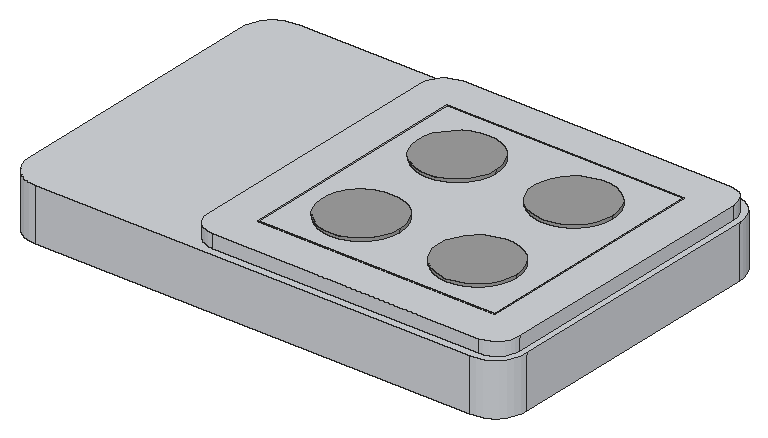
Revit family "Lighting-Industriale-GEWISS-SMART[4]HACCP_APPARECCHI-LED_1M_DALI", category Apparecchi per illuminazione, Revit 2019
Family settings
  Quota connettore circolare = Usa diametro
  Tipo di parte = Normale
  Numero OmniClass = 23.80.00.00
  Titolo OmniClass = Electric Power and Lighting
  Basato su piano di lavoro = Sì
  Sempre verticale = No
  Taglio con vuoti quando caricato = No
  Sorgente d'illuminazione = No
  Condiviso = No
  Punto di calcolo locali = No
Parameters (values of type "GWS4121HQ857 - SMART4LB 1M ST.AL.DALI HACCP ELL.57K")
  Voltaggio = 230 V
  Viti esterne = "Acciaio inox"
  Vetro acceso = Lampada accesa
  Versione file RFA = "20.11"
  Vano di alimentazione = "Integrato"
  URL = "https://www.gewiss.com/it/it"
  Tolleranza cromatica = "SDCM = 3"
  Tipologia sorgente luminosa = "LED - Non sostituibile"
  Tipo di installazione e montaggio = "Plafone - Parete - Sospensione"
  Tipo di apparecchio = "Riflettore industriale a LED&nbsp;"
  Tensione di alimentazione = "220 - 240 V"
  Temperatura di stoccaggio = "-40 +70 °C"
  Temperatura di esercizio = "-30 +50 °C"
  Temperatura di colore = "5700K"
  Superficie massima esposta al vento : = "0,097 m²"
  Spostamento_Y_etichetta [instance] = 0 mm
  Spostamento_Y_effettivo_etichetta [instance] = 1500 mm - Spostamento_Y_etichetta  # 1500 mm
  Spostamento_X_etichetta [instance] = 0 mm
  Spostamento_X_effettivo_etichetta [instance] = 1500 mm - Spostamento_X_etichetta  # 1500 mm
  SostituibilitÃ  piastra di cablaggio = "Non sostituibile"
  SostituibilitÃ  gruppo ottico = "Non sostituibile"
  Sistema di controllo : = "DALI"
  Sistema di controllo = "1 x DALI DT6"
  Schermo = "PMMA"
  Scheda Tecnica = "https://www.gewiss.com/it/it/search?q=GWS4121HQ857"
  SEO = "Low Bay"
  Resistenza al filo incandescente = "650 °C"
  Resistenza agli urti = "IK07"
  Produttore = "GEWISS S.p.A."
  Potenza di sistema = "64W"
  Peso (kg): = "3,5"
  Ottica = "Ellittica"
  Offset etichetta W [instance] = 120 mm
  Norma di riferimento = "EN 60598-1 ; EN 60598-2-1 ; EN 60598-2-24"
  Modello = "GWS4121HQ857"
  Materiali = "-"
  Lumen output (lm) = "8200"
  Lampada = "LED"
  Installazione e manutenzione = "-"
  Informazioni generali = "-"
  Indice di resa cromatica = "CRI-80"
  Inclinazione = "Con accessorio staffa"
  Immagine tipo = GWL1071.jpg
  IPEA = "-"
  IFC.TypeObject = ""
  IFC.ExportType = ""
  IFC.ExportAs = ""
  IDT = "d980d43c35f24cffa2ba6dd8084fdbbd"
  IDF = "0e7a08fe-ff0f-41d4-8af2-707685fa9687"
  Guarnizioni = "tipo siliconico antinvecchiamento "
  Gruppo ottico = "Riflettore in PC metallizzato e lenti in PMMA"
  Grado di protezione = "IP65"
  Garanzia = "5 anni"
  Gancio di chiusura = "-"
  Frequenza nominale (Hz) = "50/60 Hz"
  Fissaggio = "-"
  Finitura colore = "Grigio RAL 7035"
  Etichetta wattaggio [instance] = yes
  Default Elevation = 1219.2 mm
  Trasformatore = none
  Spessore plafoniera = 40 mm  # constant formula
  Proiettsmart [instance] = yes
  Raggio led = 30 mm  # constant formula
  Plafoniera = none
  Efficienza luminosa (lm/W) = "128"
  Durata di vita = "L90B10 (Tq+25°C) = 100.000 h - L90B10 (Tq+50°C) = 50.000 h"
  Dispositivo di protezione = "DM 6 kV / CM 10 kV"
  Descrizione = "SMART[4]LB 1M ST.AL.DALI HACCP ELL.57K"
  Creato da GEWISS S.p.A. = ""
  Corpo = "PA6 “Halogen Free” caricato fibra vetro"
  Controllo abbagliamento e luminanza = "-"
  Contesto = "Illuminazione di logistiche e locali produttivi industriali di tipo alimentari"
  Commenti sul wattaggio = "50W"
  Colore = "Grigio RAL 7035"
  Codice digitale univoco (Datamatrix) = "Datamatrix"
  Codice Electrocod = "2444"
  Classificazione: = "-"
  Classificazione = Lighting
  Classe isolamento = "I"
  Classe fotobiologica = "RG0"
  Certificazioni e classificazioni = "-"
  Certificazione DIN 18032-3 = "-"
  Catalogo = "LIGHTING"
  Carico apparente = 50 VA
  Motore = none
  Lunghezza = 383 mm  # constant formula
  Larghezza = 253 mm  # constant formula
  Distanza tot_plafoniera = 74 mm  # constant formula
  Dettaglio bidimensionale attivo [instance] = not(Proiettsmart)  # no
  Caratteristiche ottiche e illuminotecniche = "-"
  Caratteristiche elettriche e gestione della luce = "-"
  Cablaggio = "Con connettore stagno Gw connect"
  COBie.Tagnumber = ""
  COBie.CreatedOn = ""
  COBie.CreatebBy = ""
  COBie.ComponentRegisterItemID = ""
  COBie.Component.TagNumber = ""
  COBie.Component.Space = ""
  COBie.Component.SerialNumber = ""
  COBie.Component.InstallationDate = ""
  COBie.Component.Description = ""
  COBie.Component.BarCode = ""
  Applicazione = "Interno"
  Apparecchio a ridotta temperatura superficiale = "Si"
  Alimentatore = "Incluso"
Types (12, lengths in mm): name | Temperatura di colore | Scheda Tecnica | SEO | Ottica | Modello | Lumen output (lm) | IDT | Gruppo ottico | Efficienza luminosa (lm/W) | Descrizione | Controllo abbagliamento e luminanza
  GWS4121HA840 - SMART4LB 1M ST.AL.DALI HACCP ARR.40K | "4000K" | "https://www.gewiss.com/it/it/search?q=GWS4121HA840" | "" | "Array" | "GWS4121HA840" | "9200" | "9998a62557bb4ef08651bc357083fd7e" | "Riflettore in PC metallizzato" | "144" | "SMART[4]LB 1M ST.AL.DALI HACCP ARR.40K" | "-"
  GWS4121HA857 - SMART4LB 1M ST.AL.DALI HACCP ARR.57K | "5700K" | "https://www.gewiss.com/it/it/search?q=GWS4121HA857" | "" | "Array" | "GWS4121HA857" | "9200" | "bbdcdd41e1d54f16abf7bfe2fc7d7697" | "Riflettore in PC metallizzato" | "144" | "SMART[4]LB 1M ST.AL.DALI HACCP ARR.57K" | "-"
  GWS4121HC840 - SMART4LB 1M ST.AL.DALI HACCP ASI.40K | "4000K" | "https://www.gewiss.com/it/it/search?q=GWS4121HC840" | "Low Bay" | "Asimmetrica" | "GWS4121HC840" | "8200" | "9b2f5ce4de7b4faeb10b3c1d9a6310c9" | "Riflettore in PC metallizzato e lenti in PMMA" | "128" | "SMART[4]LB 1M ST.AL.DALI HACCP ASI.40K" | "-"
  GWS4121HC857 - SMART4LB 1M ST.AL.DALI HACCP ASI.57K | "5700K" | "https://www.gewiss.com/it/it/search?q=GWS4121HC857" | "Low Bay" | "Asimmetrica" | "GWS4121HC857" | "8200" | "eed8931ff87d464491a97eec5261282b" | "Riflettore in PC metallizzato e lenti in PMMA" | "128" | "SMART[4]LB 1M ST.AL.DALI HACCP ASI.57K" | "-"
  GWS4121HF840 - SMART4LB 1M ST.AL.DALI HACCP 30° 40K | "4000K" | "https://www.gewiss.com/it/it/search?q=GWS4121HF840" | "" | "30°" | "GWS4121HF840" | "9000" | "2c2734c73be845dc890b46d91bacf2c9" | "Riflettore in PC metallizzato e lenti in PMMA" | "141" | "SMART[4]LB 1M ST.AL.DALI HACCP 30° 40K" | "UGR - 22"
  GWS4121HF857 - SMART4LB 1M ST.AL.DALI HACCP 30° 57K | "5700K" | "https://www.gewiss.com/it/it/search?q=GWS4121HF857" | "" | "30°" | "GWS4121HF857" | "9000" | "c476d19eb5db45ddafa1f6ec6c0e66e6" | "Riflettore in PC metallizzato e lenti in PMMA" | "141" | "SMART[4]LB 1M ST.AL.DALI HACCP 30° 57K" | "UGR - 22"
  GWS4121HH840 - SMART4LB 1M ST.AL.DALI HACCP 60° 40K | "4000K" | "https://www.gewiss.com/it/it/search?q=GWS4121HH840" | "" | "60°" | "GWS4121HH840" | "9200" | "538a59cdd14148b999abb833953574a2" | "Riflettore in PC metallizzato e lenti in PMMA" | "144" | "SMART[4]LB 1M ST.AL.DALI HACCP 60° 40K" | "UGR - 25"
  GWS4121HH857 - SMART4LB 1M ST.AL.DALI HACCP 60° 57K | "5700K" | "https://www.gewiss.com/it/it/search?q=GWS4121HH857" | "" | "60°" | "GWS4121HH857" | "9200" | "5be96097585d4dfeae125f21adaed2af" | "Riflettore in PC metallizzato e lenti in PMMA" | "144" | "SMART[4]LB 1M ST.AL.DALI HACCP 60° 57K" | "UGR - 25"
  GWS4121HP840 - SMART4LB 1M ST.AL.DALI HACCP 90° 40K | "4000K" | "https://www.gewiss.com/it/it/search?q=GWS4121HP840" | "" | "90°" | "GWS4121HP840" | "9200" | "d8fff0ebd85446388cee771088eca17a" | "Riflettore in PC metallizzato e lenti in PMMA" | "144" | "SMART[4]LB 1M ST.AL.DALI HACCP 90° 40K" | "UGR - 25"
  GWS4121HP857 - SMART4LB 1M ST.AL.DALI HACCP 90° 57K | "5700K" | "https://www.gewiss.com/it/it/search?q=GWS4121HP857" | "" | "90°" | "GWS4121HP857" | "9200" | "669ee05d2f374ad8ac62cf093c33bc4e" | "Riflettore in PC metallizzato e lenti in PMMA" | "144" | "SMART[4]LB 1M ST.AL.DALI HACCP 90° 57K" | "UGR - 25"
  GWS4121HQ840 - SMART4LB 1M ST.AL.DALI HACCP ELL.40K | "4000K" | "https://www.gewiss.com/it/it/search?q=GWS4121HQ840" | "Low Bay" | "Ellittica" | "GWS4121HQ840" | "8200" | "e83e28c141894a959d53ecdca491efe5" | "Riflettore in PC metallizzato e lenti in PMMA" | "128" | "SMART[4]LB 1M ST.AL.DALI HACCP ELL.40K" | "-"
  GWS4121HQ857 - SMART4LB 1M ST.AL.DALI HACCP ELL.57K | "5700K" | "https://www.gewiss.com/it/it/search?q=GWS4121HQ857" | "Low Bay" | "Ellittica" | "GWS4121HQ857" | "8200" | "d980d43c35f24cffa2ba6dd8084fdbbd" | "Riflettore in PC metallizzato e lenti in PMMA" | "128" | "SMART[4]LB 1M ST.AL.DALI HACCP ELL.57K" | "-"
Reference planes
  plane 1 "Centro (Fronte/Retro)": y = 0
  plane 2: z = 0
  plane 3 "Centro (Sinistra/Destra)": x = 0
  plane 4: x = -191.5
  plane 5: y = 126.5
  plane 6: x = 191.5
  plane 7: y = -126.5
  plane 8: z = -74
  plane 9: x = -175.5
  plane 10: y = -110.5
  plane 11: y = 110.5
  plane 12: x = -60.5
  plane 13: y = 121.5
  plane 14: x = 186.5
  plane 15: y = -120
  plane 16: z = 74
  plane 17: z = 84
  plane 18: z = 86
  plane 19: x = -1500
  plane 20: y = -1500
  plane 21: x = 0
  plane 22: y = 0
Dimensions and locks
  equal spacing: plane 5, plane 1 "Centro (Fronte/Retro)", plane 7
  equal spacing: plane 4, plane 3 "Centro (Sinistra/Destra)", plane 6
  "Lunghezza": plane 4 to plane 6
  "Larghezza": plane 5 to plane 7
  locked: plane 14 to plane 6 at 5
  locked: plane 5 to plane 13 at 5
  nested 3 to plane 8 = 133.058 mm
  locked: plane 4 to plane 9 at 16
  "Offset etichetta W": plane 1 "Centro (Fronte/Retro)" to plane 15
  "Distanza tot_plafoniera": plane 16 to level
  locked: plane 18 to plane 17 at 2
  plane 19 to plane 3 "Centro (Sinistra/Destra)" = 1500 mm
  plane 1 "Centro (Fronte/Retro)" to plane 20 = 1500 mm
  "Spostamento_Y_effettivo_etichetta": plane 22 to plane 20
  "Spostamento_X_effettivo_etichetta": plane 19 to plane 21
  aligned and locked: level to plane 2
  aligned and locked: plane 4 to nested 1
  aligned and locked: plane 6 to nested 1
  aligned and locked: plane 5 to nested 1
  aligned and locked: plane 7 to nested 1
  aligned and locked: plane 14 to nested 2
  aligned and locked: plane 1 "Centro (Fronte/Retro)" to nested 10
  aligned and locked: nested 3 to plane 2
  aligned and locked: plane 16 to nested 1
  aligned and locked: plane 1 "Centro (Fronte/Retro)" to nested 8
  aligned and locked: plane 1 "Centro (Fronte/Retro)" to nested 1
  aligned and locked: plane 1 "Centro (Fronte/Retro)" to nested 2
  aligned and locked: nested 2 to plane 16
  aligned and locked: nested 4 to plane 18
  aligned and locked: plane 18 to nested 6
  aligned and locked: nested 7 to plane 18
  aligned and locked: plane 18 to nested 5
  aligned and locked: nested 9 to plane 22
  aligned and locked: plane 21 to nested 9
Nested families
  nested 1: "Struttura_SMART[4] LB - 2+2 L" at (0, 0, 74), type "SMART Lab (4) 4L"
  nested 2: "mascherina_SMART (4)" at (66.5, 0, 84), type "Maschera_smart (4) 4L", detail levels medium+fine
  nested 3: "Staffa SMART LAB 4" at (65, -20, 59.058) x (0, 1, 0) z (0, 0, -1), type "Staffa SMART LAB 4", detail levels medium+fine
  nested 4: "Gewis - Led" at (20.25, 44.75, 86), type "Gewis - Led", detail levels fine
  nested 5: "Gewis - Led" at (109.75, 44.75, 86) x (-1, 0, 0) z (0, 0, 1), type "Gewis - Led", detail levels fine
  nested 6: "Gewis - Led" at (20.25, -47.75, 86), type "Gewis - Led", detail levels fine
  nested 7: "Gewis - Led" at (109.75, -47.75, 86) x (-1, 0, 0) z (0, 0, 1), type "Gewis - Led", detail levels fine
  nested 8: "Rappr_bidimensionale_SMART[4] LB 4L" at (40, 0, 0), visible <- "Dettaglio bidimensionale attivo", type "SMART[4] LB 4L_bidimensionalerfa"
  nested 9: "ETICHETTA LIGHT" at (0, 0, 0), visible <- "Etichetta wattaggio", type "ETICHETTA LIGHT"
  nested 10: "PROIETTSMART " at (-32.162, 0, 0), visible <- "Proiettsmart", type "PROIETTSMART "
Connectors
  electrical at (0.009, -0.098, 34), driven by "Classificazione", driven by "Carico apparente"
    settings: on nested 1, index 1, voltage 230 V, apparent load 0 VA, apparent load phase1 50 VA, apparent load phase2 0 VA, apparent load phase3 0 VA, power factor 1, load classification "Lighting", number of poles 2, system type 31, power factor state 1, is connector primary yes, connector utility no, sub classification motor no, connector description ""
Definition of nested family "Struttura_SMART[4] LB - 2+2 L"
  Parameters (values of type "SMART Lab (4) 4L")
    Struttura plafoniera = none
    Spessore_plafoniera = 40 mm
    Lunghezza = 383 mm
    Larghezza = 253 mm
  Reference planes
    plane 1 "Asse sorgente illuminazione (F/B)": y = 0
    plane 2: z = 0
    plane 3 "Asse sorgente illuminazione (L/R)": x = 0
    plane 4 "Prospetto sorgente di illuminazione": z = -40
    plane 5 "SX": x = -191.5
    plane 6 "DX": x = 191.5
    plane 7 "DIETRO": y = 126.5
    plane 8 "AVANTI": y = -126.5
    plane 9: x = -51.5
    plane 10: x = 180.5
    plane 11: y = -115.5
    plane 12: y = 115.5
    plane 13: x = -180.5
    plane 14: x = 51.5
  Forms (mm)
    Extrusion 1, solid, material <- "Struttura plafoniera"
      sketch origin (0, 0, 0) x (1, 0, 0) y (0, 1, 0)
        loop
          line (191.5, -102.095) -> (191.5, 102.09)
          arc (191.5, 102.09) -> (184.35, 119.35) -> (167.09, 126.5) r 24.41
          line (167.09, 126.5) -> (-167.009, 126.5)
          arc (-167.009, 126.5) -> (-184.554, 119.1) -> (-191.5, 101.371) r 24.499
          line (-191.5, 101.371) -> (-191.5, -102.092)
          arc (-191.5, -102.092) -> (-184.351, -119.351) -> (-167.092, -126.5) r 24.408
          line (-167.092, -126.5) -> (167.117, -126.5)
          arc (167.117, -126.5) -> (184.334, -119.368) -> (191.465, -102.152) r 24.348
      from -40 to 0
  Dimensions and locks
    equal spacing: plane 5 "SX", plane 3 "Asse sorgente illuminazione (L/R)", plane 6 "DX"
    equal spacing: plane 7 "DIETRO", plane 1 "Asse sorgente illuminazione (F/B)", plane 8 "AVANTI"
    "Lunghezza": plane 5 "SX" to plane 6 "DX"
    "Larghezza": plane 7 "DIETRO" to plane 8 "AVANTI"
    locked: plane 7 "DIETRO" to plane 12 at 11
    locked: plane 11 to plane 8 "AVANTI" at 11
    locked: plane 10 to plane 6 "DX" at 11
    locked: plane 9 to plane 10 at 232
    plane 13 to plane 14 = 232 mm
    locked: plane 5 "SX" to plane 13 at 11
    "Spessore_plafoniera": plane 2 to plane 4 "Prospetto sorgente di illuminazione"
    aligned and locked: level to plane 2
    aligned and locked: Extrusion 1 to plane 5 "SX"
    aligned and locked: Extrusion 1 to plane 8 "AVANTI"  (x2)
    aligned and locked: plane 7 "DIETRO" to Extrusion 1
    aligned and locked: plane 6 "DX" to Extrusion 1
    aligned and locked: plane 4 "Prospetto sorgente di illuminazione" to Extrusion 1
    aligned and locked: plane 2 to Extrusion 1
  Automatic sketch dimensions
    Extrusion 1 sketch curve to plane 5 "SX" = 0 mm
    Extrusion 1 sketch curve to plane 8 "AVANTI" = 0 mm
    Extrusion 1 sketch curve to plane 7 "DIETRO" = 0 mm
    Extrusion 1 sketch curve to plane 6 "DX" = 0 mm
    plane 13 to Extrusion 1 sketch curve = 13.408 mm
    plane 13 to Extrusion 1 sketch curve = 13.491 mm
    Extrusion 1 sketch curve to plane 10 = 13.41 mm
    Extrusion 1 sketch curve to plane 10 = 13.383 mm
    plane 11 to Extrusion 1 sketch curve = 13.348 mm
    Extrusion 1 sketch curve to plane 12 = 14.129 mm
    Extrusion 1 sketch curve to Extrusion 1 sketch curve = 0.056 mm
Definition of nested family "mascherina_SMART (4)"
  Parameters (values of type "Maschera_smart (4) 4L")
    Spessore_mascherina = 10 mm
    Default Elevation = 1219.2 mm
    N.intarsi = (Lunghezza_mascherina - (Bordo * 2)) / 15 mm  # 12
    N._intarsi verticale = (Larghezza_mascherina - (Bordo * 2)) / 17 mm  # 11
    Mascherina = none
    Lunghezza_mascherina = 240 mm
    Larghezza_mascherina = 240 mm
    Distanza_intarsi v. = 41 mm  # constant formula
    Distanza_intarsi = 37 mm  # constant formula
    Bordo = 29 mm
  Reference planes
    plane 1 "Centro (Fronte/Retro)": y = 0
    plane 2: z = 0
    plane 3 "Centro (Sinistra/Destra)": x = 0
    plane 4: x = -120
    plane 5 "Dietro": y = 120
    plane 6: x = 120
    plane 7: y = -120
    plane 8: x = -91
    plane 9: y = -91
    plane 10: x = 91
    plane 11: y = 91
    plane 12: x = -83
    plane 13: y = 94.742
    plane 14: y = -95
    plane 15: z = -10
    plane 16: x = -95
    plane 17: y = 79
    plane 18: y = -79
    plane 19: x = 95
    plane 20: z = -4.799
  Forms (mm)
    Extrusion 1, solid, material <- "Mascherina"
      sketch origin (0, 0, 0) x (1, 0, 0) y (0, 1, 0)
        loop
          arc (-102.5, 120) -> (-114.874, 114.874) -> (-120, 102.5) r 17.5
          line (-120, 102.5) -> (-120, -102.5)
          arc (-120, -102.5) -> (-114.874, -114.874) -> (-102.5, -120) r 17.5
          line (-102.5, -120) -> (102.5, -120)
          arc (102.5, -120) -> (114.874, -114.874) -> (120, -102.5) r 17.5
          line (120, -102.5) -> (120, 102.5)
          arc (120, 102.5) -> (114.874, 114.874) -> (102.5, 120) r 17.5
          line (102.5, 120) -> (-102.5, 120)
        loop
          line (-91, 91) -> (-91, -91) -> (91, -91) -> (91, 91) -> (-91, 91)
      from -10 to 0
    Extrusion 2, solid, material <- "Mascherina"
      sketch origin (0, 0, 0) x (1, 0, 0) y (0, 1, 0)
        loop
          line (-91, 91) -> (-91, -91) -> (91, -91) -> (91, 91) -> (-91, 91)
      from -4.799 to 0
  Dimensions and locks
    equal spacing: plane 4, plane 3 "Centro (Sinistra/Destra)", plane 6
    "Lunghezza_mascherina": plane 4 to plane 6
    equal spacing: plane 5 "Dietro", plane 1 "Centro (Fronte/Retro)", plane 7
    "Larghezza_mascherina": plane 5 "Dietro" to plane 7
    "Bordo": plane 4 to plane 8
    "Bordo": plane 9 to plane 7
    "Bordo": plane 5 "Dietro" to plane 11
    "Bordo": plane 10 to plane 6
    "Distanza_intarsi": plane 4 to plane 12
    locked: plane 13 to plane 11 at 3.742
    "Spessore_mascherina": plane 2 to plane 15
    "Distanza_intarsi v.": plane 5 "Dietro" to plane 17
    "Distanza_intarsi v.": plane 18 to plane 7
    locked: plane 9 to plane 14 at 4
    locked: plane 16 to plane 8 at 4
    locked: plane 10 to plane 19 at 4
    locked: plane 2 to plane 20 at 4.799
    radius of Extrusion 1 sketch curve = 17.5 mm  (x4)
    aligned and locked: level to plane 2
    aligned and locked: plane 4 to Extrusion 1 sketch curve
    aligned and locked: plane 6 to Extrusion 1 sketch curve
    aligned and locked: Extrusion 1 sketch curve to plane 5 "Dietro"
    aligned and locked: Extrusion 1 sketch curve to plane 7
    aligned and locked: Extrusion 1 sketch curve to plane 11
    aligned and locked: plane 8 to Extrusion 1 sketch curve
    aligned and locked: plane 9 to Extrusion 1 sketch curve
    aligned and locked: Extrusion 1 sketch curve to plane 10
    aligned and locked: plane 2 to Extrusion 1
    aligned and locked: Extrusion 1 to plane 15
    aligned and locked: Extrusion 2 sketch curve to plane 10
    aligned and locked: plane 9 to Extrusion 2 sketch curve
    aligned and locked: plane 8 to Extrusion 2 sketch curve
    aligned and locked: Extrusion 2 sketch curve to plane 11
    aligned and locked: plane 2 to Extrusion 2
    aligned and locked: Extrusion 2 to plane 20
Definition of nested family "Staffa SMART LAB 4"
  Parameters (values of type "Staffa SMART LAB 4")
    Staffa = none
    Default Elevation = 1219.2 mm
  Reference planes
    plane 1 "Centro (Fronte/Retro)": y = 0
    plane 2: z = 0
    plane 3 "Centro (Sinistra/Destra)": x = 0
    plane 4: y = 25
    plane 5: y = -25
    plane 6: x = -480
    plane 7: x = 480
    plane 8: z = 340
  Forms (mm)
    Extrusion 1, solid, material <- "Staffa"
      sketch origin (-19.427, 0, 0) x (1, 0, 0) y (0, 0, 1)
        loop
          line (-52.112, 0) -> (-51.312, 0) -> (-51.312, 5.038) -> (-51.312, 7.679) -> (-48.064, 11.553) -> (-48.309, 20.832)
          arc (-48.309, 20.832) -> (-48.108, 21.384) -> (-47.585, 21.651) r 0.801
          line (-47.585, 21.651) -> (-46.541, 21.744)
          arc (-46.541, 21.744) -> (-45.388, 22.346) -> (-44.998, 23.587) r 1.701
          line (-44.998, 23.587) -> (-45.225, 26.168) -> (-47.881, 28.39) -> (-47.881, 32.971) -> (-23.475, 58.058) -> (62.329, 58.058) -> (86.735, 32.971) -> (86.735, 28.39) -> (84.08, 26.168) -> (83.852, 23.587)
          arc (83.852, 23.587) -> (84.243, 22.346) -> (85.396, 21.744) r 1.701
          line (85.396, 21.744) -> (86.439, 21.651)
          arc (86.439, 21.651) -> (86.963, 21.384) -> (87.163, 20.832) r 0.801
          line (87.163, 20.832) -> (86.919, 11.553) -> (90.167, 7.679) -> (90.167, 5.038) -> (90.167, 0) -> (90.967, 0) -> (90.967, 5.038) -> (90.967, 7.979) -> (87.921, 11.618) -> (88.163, 20.806)
          arc (88.163, 20.806) -> (87.71, 22.048) -> (86.531, 22.647) r 1.801
          line (86.531, 22.647) -> (85.484, 22.74)
          arc (85.484, 22.74) -> (85.009, 22.988) -> (84.849, 23.499) r 0.701
          line (84.849, 23.499) -> (85.039, 25.667) -> (87.735, 27.923) -> (87.735, 32.876) -> (86.947, 34.187) -> (62.751, 59.058) -> (-23.897, 59.058) -> (-48.093, 34.187) -> (-48.881, 32.876) -> (-48.881, 27.923) -> (-46.185, 25.667) -> (-45.994, 23.499)
          arc (-45.994, 23.499) -> (-46.155, 22.988) -> (-46.63, 22.74) r 0.701
          line (-46.63, 22.74) -> (-47.676, 22.647)
          arc (-47.676, 22.647) -> (-48.856, 22.048) -> (-49.308, 20.806) r 1.801
          line (-49.308, 20.806) -> (-49.066, 11.618) -> (-52.112, 7.979) -> (-52.112, 5.038) -> (-52.112, 0)
      from -25 to 25
  Dimensions and locks
    equal spacing: plane 6, plane 3 "Centro (Sinistra/Destra)", plane 7
    equal spacing: plane 4, plane 1 "Centro (Fronte/Retro)", plane 5
    plane 4 to plane 5 = 50 mm
    plane 6 to plane 7 = 960 mm
    aligned and locked: level to plane 2
    aligned and locked: plane 4 to Extrusion 1
    aligned and locked: Extrusion 1 to plane 5
  Automatic sketch dimensions
    Extrusion 1 sketch curve to Extrusion 1 sketch curve = 0 mm  (x10)
    Extrusion 1 sketch curve to level = 0 mm  (x2)
    level to Extrusion 1 sketch curve = 5.038 mm
    Extrusion 1 sketch curve to plane 3 "Centro (Sinistra/Destra)" = 71.54 mm
    Extrusion 1 sketch curve to Extrusion 1 sketch curve = 0.8 mm  (x2)
    level to Extrusion 1 sketch curve = 20.806 mm  (x2)
    Extrusion 1 sketch curve to Extrusion 1 sketch curve = 2.804 mm
    level to Extrusion 1 sketch curve = 11.618 mm  (x2)
    Extrusion 1 sketch curve to Extrusion 1 sketch curve = 2.246 mm  (x2)
    Extrusion 1 sketch curve to Extrusion 1 sketch curve = 0.428 mm
    level to Extrusion 1 sketch curve = 20.832 mm  (x2)
    Extrusion 1 sketch curve to Extrusion 1 sketch curve = 1 mm  (x4)
    Extrusion 1 sketch curve to Extrusion 1 sketch curve = 0.788 mm
    level to Extrusion 1 sketch curve = 11.553 mm  (x2)
    Extrusion 1 sketch curve to Extrusion 1 sketch curve = 1.002 mm  (x2)
    level to Extrusion 1 sketch curve = 22.647 mm  (x2)
    Extrusion 1 sketch curve to Extrusion 1 sketch curve = 0.632 mm
    level to Extrusion 1 sketch curve = 21.651 mm  (x2)
    Extrusion 1 sketch curve to Extrusion 1 sketch curve = 0.092 mm  (x2)
    Extrusion 1 sketch curve to Extrusion 1 sketch curve = 0.984 mm
    level to Extrusion 1 sketch curve = 22.74 mm  (x2)
    Extrusion 1 sketch curve to Extrusion 1 sketch curve = 0.062 mm
    level to Extrusion 1 sketch curve = 21.744 mm  (x2)
    Extrusion 1 sketch curve to Extrusion 1 sketch curve = 0.088 mm
    Extrusion 1 sketch curve to Extrusion 1 sketch curve = 0.507 mm
    level to Extrusion 1 sketch curve = 23.499 mm  (x2)
    Extrusion 1 sketch curve to Extrusion 1 sketch curve = 0.698 mm  (x2)
    Extrusion 1 sketch curve to Extrusion 1 sketch curve = 0.96 mm  (x2)
    level to Extrusion 1 sketch curve = 23.587 mm  (x2)
    Extrusion 1 sketch curve to plane 3 "Centro (Sinistra/Destra)" = 43.324 mm
    Extrusion 1 sketch curve to Extrusion 1 sketch curve = 0.422 mm  (x2)
    plane 3 "Centro (Sinistra/Destra)" to Extrusion 1 sketch curve = 42.902 mm
    Extrusion 1 sketch curve to Extrusion 1 sketch curve = 21.523 mm
    level to Extrusion 1 sketch curve = 26.168 mm
    Extrusion 1 sketch curve to Extrusion 1 sketch curve = 0.227 mm
    Extrusion 1 sketch curve to Extrusion 1 sketch curve = 0.996 mm
    level to Extrusion 1 sketch curve = 25.667 mm
    Extrusion 1 sketch curve to Extrusion 1 sketch curve = 0.548 mm
    Extrusion 1 sketch curve to Extrusion 1 sketch curve = 0.966 mm
    Extrusion 1 sketch curve to Extrusion 1 sketch curve = 0.077 mm
    level to Extrusion 1 sketch curve = 28.39 mm
    Extrusion 1 sketch curve to Extrusion 1 sketch curve = 1.696 mm
    Extrusion 1 sketch curve to Extrusion 1 sketch curve = 0.557 mm
    level to Extrusion 1 sketch curve = 34.187 mm
    Extrusion 1 sketch curve to Extrusion 1 sketch curve = 0.212 mm
    Extrusion 1 sketch curve to Extrusion 1 sketch curve = 0.801 mm
    level to Extrusion 1 sketch curve = 7.679 mm
    Extrusion 1 sketch curve to Extrusion 1 sketch curve = 2.641 mm  (x2)
    Extrusion 1 sketch curve to Extrusion 1 sketch curve = 0.3 mm  (x2)
    Extrusion 1 sketch curve to Extrusion 1 sketch curve = 2.168 mm
    Extrusion 1 sketch curve to Extrusion 1 sketch curve = 0.501 mm
    Extrusion 1 sketch curve to Extrusion 1 sketch curve = 0.467 mm  (x2)
    Extrusion 1 sketch curve to Extrusion 1 sketch curve = 2.256 mm
    Extrusion 1 sketch curve to Extrusion 1 sketch curve = 4.486 mm
    Extrusion 1 sketch curve to Extrusion 1 sketch curve = 1.311 mm
    Extrusion 1 sketch curve to Extrusion 1 sketch curve = 0.095 mm  (x2)
    Extrusion 1 sketch curve to Extrusion 1 sketch curve = 1.216 mm
    Extrusion 1 sketch curve to Extrusion 1 sketch curve = 23.87 mm
Definition of nested family "Gewis - Led"
  Parameters (values of type "Gewis - Led")
    Vetro = none
    Raggio led = 30 mm
    Default Elevation = 1219.2 mm
    Estensione vetro = 3 mm
  Reference planes
    plane 1 "Centro (Fronte/Retro)": y = 0
    plane 2: z = 0
    plane 3 "Centro (Sinistra/Destra)": x = 0
  Forms (mm)
    Extrusion 1, solid, material <- "Vetro"
      sketch origin (0, 0, 0) x (1, 0, 0) y (0, 1, 0)
        loop
          circle (0, 0) r 30
      from -3 to 0
  Dimensions and locks
    "Estensione vetro": level to Extrusion 1
    "Raggio led": radius of Extrusion 1 sketch curve
    aligned and locked: level to plane 2
    aligned and locked: level to Extrusion 1
  Automatic sketch dimensions
    plane 1 "Centro (Fronte/Retro)" to Extrusion 1 sketch curve = 0 mm
    Extrusion 1 sketch curve to plane 3 "Centro (Sinistra/Destra)" = 0 mm
Definition of nested family "Rappr_bidimensionale_SMART[4] LB 4L"
  Reference planes
    plane 1 "Centro (Fronte/Retro)": y = 0
    plane 2: z = 0
    plane 3 "Centro (Sinistra/Destra)": x = 0
  Lines and regions (mm)
    model lines, in view "Livello rif."
      curve 1: circle (-20.568, 47.057, 0) r 28.619 normal (0, 0, 1)
      curve 2: circle (73.432, -46.943, 0) r 28.619 normal (0, 0, 1)
      curve 3: circle (-20.568, -46.943, 0) r 28.619 normal (0, 0, 1)
      curve 4: circle (73.432, 47.057, 0) r 28.619 normal (0, 0, 1)
      curve 5: arc (-93.068, -104.009, 0) -> (-88.529, -114.969, 0) -> (-77.568, -119.509, 0) r 15.5
      curve 6: arc (145.932, 103.991, 0) -> (141.392, 114.952, 0) -> (130.432, 119.491, 0) r 15.5
      curve 7: arc (-77.568, 119.491, 0) -> (-88.529, 114.952, 0) -> (-93.068, 103.991, 0) r 15.5
      curve 8: arc (130.432, -119.509, 0) -> (141.392, -114.969, 0) -> (145.932, -104.009, 0) r 15.5
      curve 9: arc (152.721, 103.991, 0) -> (146.196, 119.749, 0) -> (130.441, 126.281, 0) r 22.29
      curve 10: arc (130.443, -126.298, 0) -> (146.197, -119.766, 0) -> (152.721, -104.009, 0) r 22.29
      curve 11: arc (-230.358, -108, 0) -> (-225, -120.942, 0) -> (-212.058, -126.298, 0) r 18.29
      curve 12: arc (-212.077, 126.281, 0) -> (-225.001, 120.924, 0) -> (-230.358, 108, 0) r 18.29
      curve 13: line (-66.068, -92.509, 0) -> (-66.068, 92.491, 0)
      curve 14: line (-66.068, 92.491, 0) -> (118.932, 92.491, 0)
      curve 15: line (118.932, 92.491, 0) -> (118.932, -92.509, 0)
      curve 16: line (118.932, -92.509, 0) -> (-66.068, -92.509, 0)
      curve 17: line (-77.568, -119.509, 0) -> (130.432, -119.509, 0)
      curve 18: line (-77.568, 119.491, 0) -> (130.432, 119.491, 0)
      curve 19: line (-93.068, 103.991, 0) -> (-93.068, -104.009, 0)
      curve 20: line (145.932, 103.991, 0) -> (145.932, -104.009, 0)
      curve 21: line (-212.077, 126.281, 0) -> (130.441, 126.281, 0)
      curve 22: line (152.721, 103.991, 0) -> (152.721, -104.009, 0)
      curve 23: line (130.443, -126.298, 0) -> (-212.058, -126.298, 0)
      curve 24: line (-230.358, -108, 0) -> (-230.358, 108, 0)
Definition of nested family "ETICHETTA LIGHT"
  Parameters (values of type "ETICHETTA LIGHT")
    COMMENTI = "53W"
  Reference planes
    plane 1: y = 0
    plane 2: x = 0
  Text (mm)
    label "COMMENTI" at (-0.057, 0.105, 0), shows "COMMENTI"
Definition of nested family "PROIETTSMART "
  Reference planes
    plane 1 "Centro (Fronte/Retro)": y = 0
    plane 2: z = 0
    plane 3 "Centro (Sinistra/Destra)": x = 0
  Lines and regions (mm)
    model lines, in view "Livello rif."
      curve 1: line (120.593, -21.515, 0) -> (77.393, -0.008, 0)
      curve 2: line (77.393, -0.008, 0) -> (120.593, 21.758, 0)
      curve 3: line (120.593, 21.758, 0) -> (120.593, -21.515, 0)
      curve 4: line (77.393, 21.629, 0) -> (77.393, -21.645, 0)
      curve 5: line (77.393, -0.008, 0) -> (52.133, -0.008, 0)
      curve 6: line (120.593, 0.122, 0) -> (139.246, 0.122, 0)
      curve 7: line (162.162, 66.747, 0) -> (162.162, -66.747, 0)
      curve 8: line (162.162, -66.747, 0) -> (-97.838, -66.747, 0)
      curve 9: line (-97.838, -66.747, 0) -> (-97.838, 66.747, 0)
      curve 10: line (-97.838, 66.747, 0) -> (162.162, 66.747, 0)
      curve 11: line (45.772, 49.667, 0) -> (145.121, 49.667, 0)
      curve 12: line (145.121, 49.667, 0) -> (145.121, -49.683, 0)
      curve 13: line (145.121, -49.683, 0) -> (45.772, -49.683, 0)
      curve 14: line (45.772, -49.683, 0) -> (45.772, 49.667, 0)
